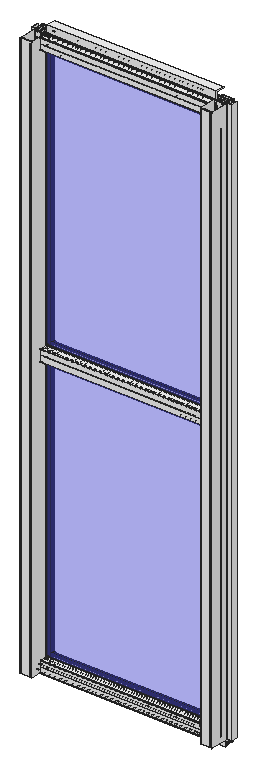
Revit family "Facade_60_Curtain_Wall_S12_Custom", category Windows, host Wall, Revit 2014
Parameters (values of type "F60-S12-Custom")
  Windload Design [instance] = if(Custom Windload < 1001 mm, 1000 mm, if(Custom Windload < 1501 mm, 1500 mm, 2000 mm))  # 1000 mm
  Width [instance] = if(Custom Curtain Wall Width < Limit Door Width Min, Limit Door Width Min, if(Custom Curtain Wall Width > Limit Door Width Max, Limit Door Width Max, Custom Curtain Wall Width))  # 1000 mm
  Wall Thickness [instance] = 200 mm
  Vertical Profile Length [instance] = Height - Frame Bottom Gap  # 2970 mm
  URL = "http://www.crealco.co.za/crealco-products.php"
  Type Comments = ""
  Thermal Resistance (R) [instance] = if(IGDB or SAGDB Number = 100100, 1.0000 (m²·K)/W / Intruderprufe U Value, if(IGDB or SAGDB Number = 100100, 1.0000 (m²·K)/W / Intruderprufe U Value, if(IGDB or SAGDB Number = 105003, 1.0000 (m²·K)/W / Intruderprufe Insulated U Value, if(IGDB or SAGDB Number = 105004, 1.0000 (m²·K)/W / Intruderprufe Insulated LowE U Value, 1.0000 (m²·K)/W / 7.9)))) * 1  # 0.126582 (m²·K)/W
  Thermal Break Material = Plastic, Opaque Black
  Solar Heat Gain Coefficient [instance] = if(IGDB or SAGDB Number = 100100, Intruderprufe SHGC Value, if(IGDB or SAGDB Number = 103200, Intruderprufe LowE SHGC Value, if(IGDB or SAGDB Number = 105003, Intruderprufe Insulated SHGC Value, if(IGDB or SAGDB Number = 105004, Intruderprufe Insulated LowE SHGC Value, 0))))  # 0
  Single Glazing [instance] = if(DG Forced, 1 = 0, not(Double Glazing))  # no
  Sill Height = 85 mm  # constant formula
  SG Forced [instance] = not(DG Forced)  # no
  Quarter Expansion Break = no
  Overall Width [instance] = 1000 mm
  Overall Height [instance] = 3000 mm
  Mullion Configuration = 1 mm  # constant formula
  Model = "Facade 60"
  Mid Transom Bottom Gap [instance] = (Height - Frame Bottom Gap) / 2  # 1485 mm
  Max System DG Unit Thickness = 25 mm  # constant formula
  Max System DG One Piece Thickness [instance] = rounddown((Max System DG Unit Thickness - DG Gasket Thickness) / 2 mm) * 1 mm  # 6 mm
  Max Pane Area [instance] = Glazing Width * Glazing Height  # 1.32114 m²
  Manufacturer = "Crealco"
  Limit Door Width Min = Limit Panel Width Min + (2 * Glazing Side Gap)  # 379.6 mm
  Limit Door Width Max = Limit Panel Width Max + (2 * Glazing Side Gap)  # 3079.6 mm
  Limit Door Height Min = (2 * Limit Panel Height Min) + 69.8 mm + (1 mm * 19.6) + 39.8 mm  # 729.2 mm
  Limit Door Height Max = (2 * Limit Panel Height Max) + 69.8 mm + (1 mm * 19.6) + 39.8 mm  # 12129.2 mm
  Limit Panel Width Min = 300 mm  # constant formula
  Limit Panel Width Max = 3000 mm  # constant formula
  Limit Panel Height Min = 300 mm  # constant formula
  Limit Panel Height Max = 6000 mm  # constant formula
  Sill Length [instance] = Width  # 1000 mm
  Length Sill [instance] = Width  # 1000 mm
  Keynote = ""
  Jamb Width = 60 mm  # constant formula
  Intruderprufe U Value = 0
  Intruderprufe SHGC Value = 0
  Intruderprufe LowE U Value = 0
  Intruderprufe LowE SHGC Value = 0
  Intruderprufe Insulated U Value = 0
  Intruderprufe Insulated SHGC Value = 0
  Intruderprufe Insulated LowE U Value = 0
  Intruderprufe Insulated LowE SHGC Value = 0
  Horizontal Profile Length [instance] = Width - (2 * Jamb Width)  # 880 mm
  Half Expansion Break = no
  Glazing Width [instance] = Horizontal Profile Length + (2 mm * 20.2)  # 920.4 mm
  Glazing Top Gap = 39.8 mm  # constant formula
  Glazing Side Gap = 39.8 mm  # constant formula
  Glazing Height [instance] = (Height - Glazing Top Gap - Glazing Bottom Gap - (60 mm - 20.2 mm - 20.2 mm)) / 2  # 1435.4 mm
  Glazing Gap SG [instance] = (14 mm - SG Thickness) / 2  # 5 mm
  Glazing Gap DG [instance] = (28 mm - (DG Thickness + DG Thickness + DG Gasket Thickness)) / 2  # 4 mm
  Glazing Bottom Gap = 69.8 mm  # constant formula
  Frame Thickness = 101.8 mm  # constant formula
  Frame Bottom Gap = 30 mm  # constant formula
  Door Leaf Height [instance] = 2050 mm
  Double Glazing [instance] = yes
  DG Thickness Calc [instance] = if(not(Max Pane Area > 1.125 m²), 4 mm, if(not(Max Pane Area > 2.25 m²), 4 mm, if(not(Max Pane Area > 3.15 m²), 5 mm, if(not(Max Pane Area > 4.35 m²), 6 mm, if(not(Max Pane Area > 6.45 m²), 8 mm, 10 mm)))))  # 4 mm
  DG Thickness [instance] = if(IGDB or SAGDB Number = 105003, 6 mm, if(IGDB or SAGDB Number = 105004, 7 mm, if(DG Thickness Calc > Max System DG One Piece Thickness, Max System DG One Piece Thickness, DG Thickness Calc)))  # 4 mm
  DG Gasket Thickness = 12 mm  # constant formula
  DG Gasket Finish [instance] = Double Glazing Gasket Material
  DG Forced [instance] = if(IGDB or SAGDB Number = 100100, 1 = 0, if(IGDB or SAGDB Number = 103200, 1 = 0, if(IGDB or SAGDB Number = 105003, 1 = 1, if(IGDB or SAGDB Number = 105004, 1 = 1, Double Glazing))))  # yes
  IGDB or SAGDB Number [instance] = 0
  Height [instance] = if(Custom Curtain Wall Height < Limit Door Height Min, Limit Door Height Min, if(Custom Curtain Wall Height > Limit Door Height Max, Limit Door Height Max, Custom Curtain Wall Height))  # 3000 mm
  Heat Transfer Coefficient (U) [instance] = if(IGDB or SAGDB Number = 100100, Intruderprufe U Value, if(IGDB or SAGDB Number = 103200, Intruderprufe LowE U Value, if(IGDB or SAGDB Number = 105003, Intruderprufe Insulated U Value, if(IGDB or SAGDB Number = 105004, Intruderprufe Insulated LowE U Value, 7.9)))) * 1.0000 W/(m²·K)  # 7.9000 W/(m²·K)
  SG Thickness [instance] = if(IGDB or SAGDB Number = 100100, 6 mm, if(IGDB or SAGDB Number = 103200, 7 mm, if(not(Max Pane Area > 0.75 m²), 4 mm, if(not(Max Pane Area > 1.50 m²), 4 mm, if(not(Max Pane Area > 2.10 m²), 5 mm, if(not(Max Pane Area > 2.90 m²), 6.4 mm, if(not(Max Pane Area > 4.30 m²), 8 mm, 10 mm)))))))  # 4 mm
  Glazing Material [instance] = if(IGDB or SAGDB Number = 100100, "PFG INTRUDERPRUFE 6.38mm", if(IGDB or SAGDB Number = 103200, "PFG INTRUDERPRUFE LOW-E 7.38mm", if(IGDB or SAGDB Number = 105003, "PFG 25mm INTRUDERPRUFE INSULATED GLASS", if(IGDB or SAGDB Number = 105004, "PFG 25mm INTRUDERPRUFE INSULATED GLASS LOW-E", "Unknown"))))  # "Unknown"
  Glazing Finish [instance] = Glass
  Glazing Code [instance] = if(IGDB or SAGDB Number = 100100, "LAM01", if(IGDB or SAGDB Number = 103200, "LAM01E", if(IGDB or SAGDB Number = 105003, "IGU25", if(IGDB or SAGDB Number = 105004, "IGU25E", "Unknown"))))  # "Unknown"
  Frame Offset From Exterior [instance] = if(Centered In Wall, (Wall Thickness - Frame Thickness) / 2, Custom Offset From Exterior) + 5.9 mm  # 55 mm
  Description = "Curtain Wall, S12"
  Default Sill Height = 0 mm
  Wall Closure = By host
  Custom Curtain Wall Width [instance] = 1000 mm
  Custom Curtain Wall Height [instance] = 3000 mm
  Custom Windload [instance] = 1000 mm
  Custom Offset From Exterior [instance] = 10 mm
  Centered In Wall [instance] = yes
  Aluminium Finish [instance] = White Powder Coated Aluminium ANP 1052
  All Available Glazing Numbers [instance] = "The rows below list the available glazing materials for this window:"  # constant formula
  190mm Mullion = if(Mullion Configuration = 3 mm, 1 = 1, 1 = 0)  # no
  160mm Mullion = if(Mullion Configuration = 2 mm, 1 = 1, 1 = 0)  # no
  105004 [instance] = "IGU25E"  # constant formula
  105003 [instance] = "IGU25"  # constant formula
  103200 [instance] = "LAM01E"  # constant formula
  100mm Mullion = if(or(Mullion Configuration = 2 mm, Mullion Configuration = 3 mm), 1 = 0, 1 = 1)  # yes
  100100 [instance] = "LAM01"  # constant formula
Reference planes
  plane 1 "Center (Front/Back)": y = 0
  plane 2 "Center (Left/Right)": x = 0
  plane 3 "Left": x = -500
  plane 4 "Right": x = 500
  plane 5 "Sill": z = 0
  plane 6 "Head": z = 3000
  plane 7 "Exterior": y = 100
  plane 8 "Interior": y = -100
Lines and regions (mm)
  Opening 1
    outline origin (3507.082, -100, 0) x (1, 0, 0) y (0, 0, 1)
      loop
        line (-3007.082, 0) -> (-3007.082, 3000) -> (-4007.082, 3000) -> (-4007.082, 0) -> (-3007.082, 0)
Text (mm)
  text "EXTERIOR" at (-1963.203, 1332.353, 0), in view "Ref. Level"
  text "INTERIOR" at (-1981.466, -818.386, 0), in view "Ref. Level"
  text "Exterior" at (0, 923.751, 2943.296), in view "Right"
  text "Exterior" at (0, 1040.484, 2685.409), in view "Left"
Dimensions and locks
  equal spacing: plane 3 "Left", plane 2 "Center (Left/Right)", plane 4 "Right"
  "Width": plane 3 "Left" to plane 4 "Right"
  "Height": plane 5 "Sill" to plane 6 "Head"
  "Default Sill Height": plane 5 "Sill" to level
  locked: plane 7 "Exterior" to host wall at 0
  locked: plane 8 "Interior" to host wall
  "Overall Height": plane 6 "Head" to plane 5 "Sill"
  "Overall Width": plane 3 "Left" to plane 4 "Right"
  "Wall Thickness": host wall to host wall
  "Jamb Width": nested 3 to plane 4 "Right"
  "Jamb Width": nested 5 to plane 4 "Right"
  "Frame Bottom Gap": nested 5 to level
  "Frame Offset From Exterior": nested 1 to plane 7 "Exterior"
  "Glazing Side Gap": nested 6 to plane 4 "Right"
  "Glazing Top Gap": nested 6 to plane 6 "Head"
  "Glazing Gap SG": nested 6 to nested 1
  "Glazing Side Gap": nested 7 to plane 4 "Right"
  "Glazing Top Gap": nested 7 to plane 6 "Head"
  "Glazing Gap DG": nested 7 to nested 1
  "Jamb Width": nested 8 to plane 4 "Right"
  "Mid Transom Bottom Gap": nested 8 to level
  "Glazing Side Gap": nested 9 to plane 4 "Right"
  "Glazing Side Gap": nested 10 to plane 4 "Right"
  "Glazing Gap SG": nested 10 to nested 1
  "Glazing Gap DG": nested 9 to nested 1
  "Glazing Bottom Gap": nested 9 to level
  "Glazing Bottom Gap": nested 10 to level
  locked: nested 1 to nested 5 at 8.887
  aligned and locked: plane 4 "Right" to nested 1
  aligned and locked: nested 1 to plane 6 "Head"
  aligned and locked: plane 3 "Left" to nested 2
  aligned and locked: plane 6 "Head" to nested 2
  aligned and locked: nested 3 to plane 6 "Head"
  aligned and locked: nested 1 to nested 3
  aligned and locked: nested 4 to level
  aligned and locked: plane 4 "Right" to nested 4
  aligned and locked: nested 1 to nested 2
  aligned and locked: nested 5 to nested 4
  aligned and locked: nested 8 to nested 3
Automatic sketch dimensions
  plane 3 "Left" to Opening 1 sketch curve = 0 mm
  plane 4 "Right" to Opening 1 sketch curve = 0 mm
  Opening 1 sketch curve to plane 5 "Sill" = 0 mm
  Opening 1 sketch curve to plane 6 "Head" = 0 mm
Nested families
  nested 1: "F60 Vertical Profile Side_S12_Cust" at (500, -1.058, 30) x (-1, 0, 0) z (0, 0, 1), Thermal Break Material <- "Thermal Break Material", Profile Material <- "Aluminium Finish", Length <- "Vertical Profile Length", Single Glazing <- "SG Forced", Double Glazing <- "DG Forced", 100mm Mullion <- "100mm Mullion", 160mm Mullion <- "160mm Mullion", 190mm Mullion <- "190mm Mullion", Quarter Expansion Break <- "Quarter Expansion Break", Half Expansion Break <- "Half Expansion Break", type "F60 Vertical Profile Side_S12_Cust"
    with Thermal Break Material Plastic, Opaque Black, Single Glazing no, Quarter SG Expansion Break no, Quarter Length 742.5 mm, Quarter Expansion Break no, Quarter DG Expansion Break no, Quarter 190mm Expansion Break no, Quarter 160mm Expansion Break no, Quarter 100mm Expansion Break no, Profile Material White Powder Coated Aluminium ANP 1052, Length 2970 mm, Half SG Expansion Break no, Half Length 1485 mm, Half Expansion Break no, Half DG Expansion Break no, Half 190mm Expansion Joint no, Half 160mm Expansion Break no, Half 100mm Expansion Break no, Double Glazing yes, 190mm Mullion no, 160mm Mullion no, 100mm Mullion yes
  nested 2: "F60 Vertical Profile Side_S12_Cust" at (-500, -1.058, 30), Thermal Break Material <- "Thermal Break Material", Profile Material <- "Aluminium Finish", Length <- "Vertical Profile Length", Single Glazing <- "SG Forced", Double Glazing <- "DG Forced", 100mm Mullion <- "100mm Mullion", 160mm Mullion <- "160mm Mullion", 190mm Mullion <- "190mm Mullion", Quarter Expansion Break <- "Quarter Expansion Break", Half Expansion Break <- "Half Expansion Break", type "F60 Vertical Profile Side_S12_Cust"
    with Thermal Break Material Plastic, Opaque Black, Single Glazing no, Quarter SG Expansion Break no, Quarter Length 742.5 mm, Quarter Expansion Break no, Quarter DG Expansion Break no, Quarter 190mm Expansion Break no, Quarter 160mm Expansion Break no, Quarter 100mm Expansion Break no, Profile Material White Powder Coated Aluminium ANP 1052, Length 2970 mm, Half SG Expansion Break no, Half Length 1485 mm, Half Expansion Break no, Half DG Expansion Break no, Half 190mm Expansion Joint no, Half 160mm Expansion Break no, Half 100mm Expansion Break no, Double Glazing yes, 190mm Mullion no, 160mm Mullion no, 100mm Mullion yes
  nested 3: "F60 Horizontal Profile Top_S12_Cust" at (440, -50.858, 2940) x (-1, 0, 0) z (0, 0, 1), Thermal Break Material <- "Thermal Break Material", Profile Material <- "Aluminium Finish", Length <- "Horizontal Profile Length", Single Glazing <- "SG Forced", Double Glazing <- "DG Forced", type "F60 Horizontal Profile Top_S12_Cust"
    with Thermal Break Material Plastic, Opaque Black, Single Glazing no, Profile Material White Powder Coated Aluminium ANP 1052, Length 880 mm, Double Glazing yes
  nested 4: "F60 Sill_S12_Cust" at (500, -13.486, -1.88) x (-1, 0, 0) z (0, 0, 1), Profile Material <- "Aluminium Finish", Length Sill <- "Length Sill", type "F60 Sill_S12_Cust"
    with Profile Material White Powder Coated Aluminium ANP 1052, Length Sill 1000 mm
  nested 5: "F60 Horizontal Profile Bottom_S12_Cust" at (440, -50.858, 30) x (-1, 0, 0) z (0, 0, 1), Thermal Break Material <- "Thermal Break Material", Profile Material <- "Aluminium Finish", Length <- "Horizontal Profile Length", Single Glazing <- "SG Forced", Double Glazing <- "DG Forced", type "F60 Horizontal Profile Bottom_S12_Cust"
    with Thermal Break Material Plastic, Opaque Black, Single Glazing no, Profile Material White Powder Coated Aluminium ANP 1052, Length 880 mm, Double Glazing yes
  nested 6: "F60_Single_Glazing_S12_Cust" at (460.2, 7.942, 1524.8), Glazing Width <- "Glazing Width", Glazing Height <- "Glazing Height", SG Thickness <- "SG Thickness", Glazing Finish <- "Glazing Finish", visible <- "SG Forced", type "F60_Single_Glazing_S12_Cust"
    with SG Thickness 4 mm, Glazing Width 920.4 mm, Glazing Height 1435.4 mm, Glazing Finish Glass
  nested 7: "F60_Double_Glazing_S12_Cust" at (460.2, 22.942, 1524.8), Glazing Material <- "Glazing Finish", Double Glazing Gasket Material <- "DG Gasket Finish", Glazing Width <- "Glazing Width", Glazing Height <- "Glazing Height", Glazing Thickness DG <- "DG Thickness", Double Glazing Gasket Thickness <- "DG Gasket Thickness", visible <- "DG Forced", type "F60_Double_Glazing_S12_Cust"
    with Glazing Width 920.4 mm, Glazing Thickness DG 4 mm, Glazing Material Glass, Glazing Height 1435.4 mm, Double Glazing Gasket Thickness 12 mm, Double Glazing Gasket Material Double Glazing Gasket Material
  nested 8: "F60 Horizontal Profile Middle_S12_Cust" at (440, -50.858, 1485) x (-1, 0, 0) z (0, 0, 1), Thermal Break Material <- "Thermal Break Material", Profile Material <- "Aluminium Finish", Length <- "Horizontal Profile Length", Single Glazing <- "SG Forced", Double Glazing <- "DG Forced", type "F60 Horizontal Profile Middle_S12_Cust"
    with Thermal Break Material Plastic, Opaque Black, Single Glazing no, Profile Material White Powder Coated Aluminium ANP 1052, Length 880 mm, Double Glazing yes
  nested 9: "F60_Double_Glazing_S12_Cust" at (460.2, 22.942, 69.8), Glazing Material <- "Glazing Finish", Double Glazing Gasket Material <- "DG Gasket Finish", Glazing Width <- "Glazing Width", Glazing Height <- "Glazing Height", Glazing Thickness DG <- "DG Thickness", Double Glazing Gasket Thickness <- "DG Gasket Thickness", visible <- "DG Forced", type "F60_Double_Glazing_S12_Cust"
    with Glazing Width 920.4 mm, Glazing Thickness DG 4 mm, Glazing Material Glass, Glazing Height 1435.4 mm, Double Glazing Gasket Thickness 12 mm, Double Glazing Gasket Material Double Glazing Gasket Material
  nested 10: "F60_Single_Glazing_S12_Cust" at (460.2, 7.942, 69.8), Glazing Width <- "Glazing Width", Glazing Height <- "Glazing Height", SG Thickness <- "SG Thickness", Glazing Finish <- "Glazing Finish", visible <- "SG Forced", type "F60_Single_Glazing_S12_Cust"
    with SG Thickness 4 mm, Glazing Width 920.4 mm, Glazing Height 1435.4 mm, Glazing Finish Glass
Definition of nested family "F60 Vertical Profile Side_S12_Cust"
  Parameters (values of type "F60 Vertical Profile Side")
    Quarter SG Expansion Break [instance] = if(and(Quarter Expansion Break, Single Glazing), 1 = 1, 1 = 0)  # yes
    Quarter Length [instance] = Length / 4  # 62.5 mm
    Thermal Break Material [instance] = none
    Single Glazing [instance] = yes
    Quarter Expansion Break [instance] = yes
    Quarter DG Expansion Break [instance] = if(and(Quarter Expansion Break, Double Glazing), 1 = 1, 1 = 0)  # yes
    Quarter 190mm Expansion Break [instance] = if(and(Quarter Expansion Break, [190mm Mullion]), 1 = 1, 1 = 0)  # yes
    Quarter 160mm Expansion Break [instance] = if(and(Quarter Expansion Break, [160mm Mullion]), 1 = 1, 1 = 0)  # yes
    Quarter 100mm Expansion Break [instance] = if(and(Quarter Expansion Break, [100mm Mullion]), 1 = 1, 1 = 0)  # yes
    Profile Material [instance] = none
    Length [instance] = 250 mm
    Half SG Expansion Break [instance] = if(and(Half Expansion Break, Single Glazing), 1 = 1, 1 = 0)  # yes
    Half Length [instance] = Length / 2  # 125 mm
    Half Expansion Break [instance] = yes
    Half DG Expansion Break [instance] = if(and(Half Expansion Break, Double Glazing), 1 = 1, 1 = 0)  # yes
    Half 190mm Expansion Joint [instance] = if(and(Half Expansion Break, [190mm Mullion]), 1 = 1, 1 = 0)  # yes
    Half 160mm Expansion Break [instance] = if(and(Half Expansion Break, [160mm Mullion]), 1 = 1, 1 = 0)  # yes
    Half 100mm Expansion Break [instance] = if(and(Half Expansion Break, [100mm Mullion]), 1 = 1, 1 = 0)  # yes
    Double Glazing [instance] = yes
    190mm Mullion [instance] = yes
    160mm Mullion [instance] = yes
    100mm Mullion [instance] = yes
  Reference planes
    plane 1 "Center (Front/Back)": y = 0
    plane 2: z = 0
    plane 3 "Center (Left/Right)": x = 0
  Forms (mm)
    Extrusion 1, solid, material <- "Profile Material"
      sketch origin (0, 0, 0) x (1, 0, 0) y (0, 1, 0)
        loop
          arc (25.249, -8.7) -> (25.484, -9.266) -> (26.049, -9.5) r 0.8
          line (26.049, -9.5) -> (27.1, -9.5) -> (27.1, 7) -> (32.902, 7) -> (32.902, -9.5) -> (33.951, -9.5)
          arc (33.951, -9.5) -> (34.516, -9.266) -> (34.751, -8.7) r 0.8
          line (34.751, -8.7) -> (34.751, 6.2)
          arc (34.751, 6.2) -> (34.985, 6.766) -> (35.551, 7) r 0.8
          line (35.551, 7) -> (52.1, 7) -> (52.1, 5.4) -> (50.55, 5.4) -> (50.55, 4.55)
          arc (50.55, 4.55) -> (50.726, 4.126) -> (51.15, 3.95) r 0.6
          line (51.15, 3.95) -> (52.1, 3.95) -> (52.1, 1)
          arc (52.1, 1) -> (51.6, 0.5) -> (52.1, 0) r 0.5
          line (52.1, 0) -> (54.45, 0) -> (54.45, 1.15) -> (53.3, 1.15) -> (53.3, 2.45) -> (58.8, 2.45) -> (58.8, 1.15) -> (57.65, 1.15) -> (57.65, 0) -> (59.5, 0)
          arc (59.5, 0) -> (59.854, 0.146) -> (60, 0.5) r 0.5
          line (60, 0.5) -> (60, 3.9) -> (53.55, 3.9) -> (53.55, 7.6)
          arc (53.55, 7.6) -> (53.316, 8.166) -> (52.75, 8.4) r 0.8
          line (52.75, 8.4) -> (30, 8.4) -> (7.25, 8.4)
          arc (7.25, 8.4) -> (6.684, 8.166) -> (6.45, 7.6) r 0.8
          line (6.45, 7.6) -> (6.45, 3.9) -> (0, 3.9) -> (0, 0.5)
          arc (0, 0.5) -> (0.146, 0.146) -> (0.5, 0) r 0.5
          line (0.5, 0) -> (2.35, 0) -> (2.35, 1.15) -> (1.2, 1.15) -> (1.2, 2.45) -> (6.7, 2.45) -> (6.7, 1.15) -> (5.55, 1.15) -> (5.55, 0) -> (7.9, 0)
          arc (7.9, 0) -> (8.4, 0.5) -> (7.9, 1) r 0.5
          line (7.9, 1) -> (7.9, 3.95) -> (8.85, 3.95)
          arc (8.85, 3.95) -> (9.274, 4.126) -> (9.45, 4.55) r 0.6
          line (9.45, 4.55) -> (9.45, 5.4) -> (7.9, 5.4) -> (7.9, 7) -> (24.449, 7)
          arc (24.449, 7) -> (25.015, 6.766) -> (25.249, 6.2) r 0.8
          line (25.249, 6.2) -> (25.249, -8.7)
      from 0 to 250 <- "Length"
    Extrusion 2, solid, material <- "Thermal Break Material"
      sketch origin (0, 0, 0) x (1, 0, 0) y (0, 1, 0)
        loop
          line (1.75, 9.8) -> (1.75, 5.2) -> (0, 5.2) -> (0, 3.9) -> (6.35, 3.9) -> (6.35, 7.856)
          arc (6.35, 7.856) -> (6.526, 8.281) -> (6.95, 8.456) r 0.6
          line (6.95, 8.456) -> (30, 8.456) -> (53.05, 8.456)
          arc (53.05, 8.456) -> (53.474, 8.281) -> (53.65, 7.856) r 0.6
          line (53.65, 7.856) -> (53.65, 3.9) -> (60, 3.9) -> (60, 5.2) -> (58.25, 5.2) -> (58.25, 9.8) -> (30, 9.8) -> (1.75, 9.8)
      from 0 to 250 <- "Length"
    Extrusion 3, solid, material <- "Thermal Break Material", visible <- "Single Glazing"
      sketch origin (0, 0, 0) x (1, 0, 0) y (0, 1, 0)
        loop
          line (25.749, -14.011) -> (27.672, -14.011) -> (28.481, -12.611) -> (31.518, -12.611) -> (32.327, -14.011) -> (34.249, -14.011)
          arc (34.249, -14.011) -> (34.603, -13.864) -> (34.749, -13.511) r 0.5
          line (34.749, -13.511) -> (34.749, -10.011)
          arc (34.749, -10.011) -> (34.603, -9.657) -> (34.249, -9.511) r 0.5
          line (34.249, -9.511) -> (32.352, -9.511) -> (32.352, 0.19) -> (31.349, 2.261)
          arc (31.349, 2.261) -> (29.999, 2.986) -> (28.649, 2.261) r 1.62
          line (28.649, 2.261) -> (27.647, 0.19) -> (27.647, -9.511) -> (25.749, -9.511)
          arc (25.749, -9.511) -> (25.396, -9.657) -> (25.249, -10.011) r 0.5
          line (25.249, -10.011) -> (25.249, -13.511)
          arc (25.249, -13.511) -> (25.396, -13.864) -> (25.749, -14.011) r 0.5
        loop
          line (28.504, -10.005) -> (28.504, -10.861)
          arc (28.504, -10.861) -> (28.651, -11.214) -> (29.004, -11.361) r 0.5
          line (29.004, -11.361) -> (30.994, -11.361)
          arc (30.994, -11.361) -> (31.348, -11.214) -> (31.494, -10.861) r 0.5
          line (31.494, -10.861) -> (31.494, -10.005) -> (30.708, -9.219)
          arc (30.708, -9.219) -> (30.383, -9.001) -> (29.999, -8.924) r 1.007
          arc (29.999, -8.924) -> (29.616, -8.999) -> (29.292, -9.217) r 0.986
          line (29.292, -9.217) -> (28.504, -10.005)
        loop
          arc (30.896, 1.935) -> (29.887, 2.44) -> (29.005, 1.735) r 1.047
          line (29.005, 1.735) -> (28.347, 0.374) -> (28.347, -6.993)
          arc (28.347, -6.993) -> (28.583, -7.417) -> (29.068, -7.441) r 0.5
          arc (29.068, -7.441) -> (29.999, -7.223) -> (30.93, -7.441) r 2.099
          arc (30.93, -7.441) -> (31.416, -7.417) -> (31.652, -6.993) r 0.5
          line (31.652, -6.993) -> (31.652, 0.374) -> (30.896, 1.935)
      from 0 to 250 <- "Length"
    Extrusion 4, solid, material <- "Profile Material", visible <- "Single Glazing"
      sketch origin (0, 0, 0) x (1, 0, 0) y (0, 1, 0)
        loop
          line (52.693, -14.011) -> (32.327, -14.011) -> (31.519, -12.611) -> (28.481, -12.611) -> (27.673, -14.011) -> (7.307, -14.011) -> (7.307, -15.011) -> (8.457, -15.011) -> (8.457, -16.261) -> (2.957, -16.261) -> (2.957, -15.011) -> (4.107, -15.011) -> (4.107, -14.011) -> (1.707, -14.011)
          arc (1.707, -14.011) -> (1.199, -14.293) -> (1.168, -14.873) r 0.6
          line (1.168, -14.873) -> (2.093, -16.772) -> (1.015, -17.298) -> (1.484, -18.261) -> (11.488, -18.261)
          arc (11.488, -18.261) -> (11.913, -18.085) -> (12.088, -17.661) r 0.6
          line (12.088, -17.661) -> (12.088, -16.811) -> (47.912, -16.811) -> (47.912, -17.661)
          arc (47.912, -17.661) -> (48.088, -18.085) -> (48.512, -18.261) r 0.6
          line (48.512, -18.261) -> (58.518, -18.261) -> (58.987, -17.298) -> (57.908, -16.772) -> (58.834, -14.874)
          arc (58.834, -14.874) -> (58.802, -14.293) -> (58.293, -14.011) r 0.6
          line (58.293, -14.011) -> (55.893, -14.011) -> (55.893, -15.011) -> (57.043, -15.011) -> (57.043, -16.261) -> (51.543, -16.261) -> (51.543, -15.011) -> (52.693, -15.011) -> (52.693, -14.011)
      from 0 to 250 <- "Length"
    Extrusion 5, solid, material <- "Profile Material", visible <- "Single Glazing"
      sketch origin (0, 0, 0) x (1, 0, 0) y (0, 1, 0)
        loop
          line (2.801, -18.261) -> (1.484, -18.261) -> (1.015, -17.298) -> (2.093, -16.772) -> (0.779, -14.076)
          arc (0.779, -14.076) -> (0.239, -14.21) -> (0.001, -14.713) r 0.65
          line (0.001, -14.713) -> (0.001, -28.068)
          arc (0.001, -28.068) -> (1.172, -30.897) -> (4.001, -32.068) r 4
          line (4.001, -32.068) -> (30.001, -32.068) -> (56.001, -32.068)
          arc (56.001, -32.068) -> (58.829, -30.897) -> (60.001, -28.068) r 4
          line (60.001, -28.068) -> (60.001, -14.713)
          arc (60.001, -14.713) -> (59.763, -14.21) -> (59.223, -14.076) r 0.65
          line (59.223, -14.076) -> (57.908, -16.772) -> (58.987, -17.298) -> (58.518, -18.261) -> (57.201, -18.261)
          arc (57.201, -18.261) -> (56.83, -18.425) -> (56.703, -18.811) r 0.5
          arc (56.703, -18.811) -> (56.83, -19.196) -> (57.201, -19.361) r 0.5
          line (57.201, -19.361) -> (58.951, -19.361) -> (58.951, -27.968)
          arc (58.951, -27.968) -> (58.131, -29.948) -> (56.151, -30.768) r 2.8
          line (56.151, -30.768) -> (30.001, -30.768) -> (3.851, -30.768)
          arc (3.851, -30.768) -> (1.871, -29.948) -> (1.051, -27.968) r 2.8
          line (1.051, -27.968) -> (1.051, -19.361) -> (2.801, -19.361)
          arc (2.801, -19.361) -> (3.172, -19.196) -> (3.298, -18.811) r 0.5
          arc (3.298, -18.811) -> (3.172, -18.425) -> (2.801, -18.261) r 0.5
      from 0 to 250 <- "Length"
    Extrusion 6, solid, material <- "Profile Material", visible <- "100mm Mullion"
      sketch origin (0, 0, 0) x (1, 0, 0) y (0, 1, 0)
        loop
          line (14.02, 13) -> (45.98, 13)
          arc (45.98, 13) -> (46.539, 12.842) -> (46.917, 12.4) r 1
          arc (46.917, 12.4) -> (47.285, 11.963) -> (47.833, 11.8) r 1
          line (47.833, 11.8) -> (58.15, 11.8) -> (58.15, 96.3) -> (47.833, 96.3)
          arc (47.833, 96.3) -> (47.285, 96.137) -> (46.917, 95.7) r 1
          arc (46.917, 95.7) -> (46.548, 95.263) -> (46, 95.1) r 1
          line (46, 95.1) -> (14, 95.1)
          arc (14, 95.1) -> (13.452, 95.263) -> (13.083, 95.7) r 1
          arc (13.083, 95.7) -> (12.715, 96.137) -> (12.167, 96.3) r 1
          line (12.167, 96.3) -> (1.85, 96.3) -> (1.85, 11.8) -> (12.167, 11.8)
          arc (12.167, 11.8) -> (12.715, 11.963) -> (13.083, 12.4) r 1
          arc (13.083, 12.4) -> (13.461, 12.842) -> (14.02, 13) r 1
        loop
          line (1.65, 9.856) -> (58.35, 9.856) -> (58.35, 5.2) -> (60, 5.2) -> (60, 98.8)
          arc (60, 98.8) -> (59.707, 99.507) -> (59, 99.8) r 1
          line (59, 99.8) -> (1, 99.8)
          arc (1, 99.8) -> (0.293, 99.507) -> (0, 98.8) r 1
          line (0, 98.8) -> (0, 5.2) -> (1.65, 5.2) -> (1.65, 9.856)
      from 0 to 250 <- "Length"
    Extrusion 7, solid, material <- "Profile Material", visible <- "160mm Mullion"
      sketch origin (0, 0, 0) x (1, 0, 0) y (0, 1, 0)
        loop
          arc (2.35, 15.6) -> (2.526, 15.176) -> (2.95, 15) r 0.6
          line (2.95, 15) -> (57.05, 15)
          arc (57.05, 15) -> (57.474, 15.176) -> (57.65, 15.6) r 0.6
          line (57.65, 15.6) -> (57.65, 153.7)
          arc (57.65, 153.7) -> (57.474, 154.124) -> (57.05, 154.3) r 0.6
          line (57.05, 154.3) -> (47.833, 154.3)
          arc (47.833, 154.3) -> (47.285, 154.137) -> (46.917, 153.7) r 1
          arc (46.917, 153.7) -> (46.548, 153.263) -> (46, 153.1) r 1
          line (46, 153.1) -> (14, 153.1)
          arc (14, 153.1) -> (13.452, 153.263) -> (13.083, 153.7) r 1
          arc (13.083, 153.7) -> (12.715, 154.137) -> (12.167, 154.3) r 1
          line (12.167, 154.3) -> (2.95, 154.3)
          arc (2.95, 154.3) -> (2.526, 154.124) -> (2.35, 153.7) r 0.6
          line (2.35, 153.7) -> (2.35, 15.6)
        loop
          arc (1, 159.8) -> (0.293, 159.507) -> (0, 158.8) r 1
          line (0, 158.8) -> (0, 5.2) -> (1.65, 5.2) -> (1.65, 10.013) -> (58.35, 10.013) -> (58.35, 5.2) -> (60, 5.2) -> (60, 158.8)
          arc (60, 158.8) -> (59.707, 159.507) -> (59, 159.8) r 1
          line (59, 159.8) -> (1, 159.8)
      from 0 to 250 <- "Length"
    Extrusion 8, solid, material <- "Profile Material", visible <- "190mm Mullion"
      sketch origin (0, 0, 0) x (1, 0, 0) y (0, 1, 0)
        loop
          line (57.25, 15.1) -> (57.25, 178.3)
          arc (57.25, 178.3) -> (56.957, 179.007) -> (56.25, 179.3) r 1
          line (56.25, 179.3) -> (3.75, 179.3)
          arc (3.75, 179.3) -> (3.043, 179.007) -> (2.75, 178.3) r 1
          line (2.75, 178.3) -> (2.75, 15.1)
          arc (2.75, 15.1) -> (2.984, 14.534) -> (3.55, 14.3) r 0.8
          line (3.55, 14.3) -> (56.45, 14.3)
          arc (56.45, 14.3) -> (57.016, 14.534) -> (57.25, 15.1) r 0.8
        loop
          line (60, 5.2) -> (60, 188.8)
          arc (60, 188.8) -> (59.707, 189.507) -> (59, 189.8) r 1
          line (59, 189.8) -> (1, 189.8)
          arc (1, 189.8) -> (0.293, 189.507) -> (0, 188.8) r 1
          line (0, 188.8) -> (0, 5.2) -> (1.65, 5.2) -> (1.65, 9.856) -> (58.35, 9.856) -> (58.35, 5.2) -> (60, 5.2)
      from 0 to 250 <- "Length"
    Extrusion 9, solid, material <- "Thermal Break Material", visible <- "Double Glazing"
      sketch origin (0, 0, 0) x (1, 0, 0) y (0, 1, 0)
        loop
          line (27.672, -28) -> (28.48, -26.6) -> (31.518, -26.6) -> (32.326, -28) -> (34.249, -28)
          arc (34.249, -28) -> (34.603, -27.854) -> (34.749, -27.5) r 0.5
          line (34.749, -27.5) -> (34.749, -10)
          arc (34.749, -10) -> (34.603, -9.646) -> (34.249, -9.5) r 0.5
          line (34.249, -9.5) -> (32.352, -9.5) -> (32.352, 0.198) -> (31.348, 2.272)
          arc (31.348, 2.272) -> (29.998, 2.997) -> (28.648, 2.272) r 1.62
          line (28.648, 2.272) -> (27.645, 0.201) -> (27.645, -9.5) -> (25.749, -9.5)
          arc (25.749, -9.5) -> (25.396, -9.646) -> (25.249, -10) r 0.5
          line (25.249, -10) -> (25.249, -27.5)
          arc (25.249, -27.5) -> (25.396, -27.854) -> (25.749, -28) r 0.5
          line (25.749, -28) -> (27.672, -28)
        loop
          arc (30.706, -9.206) -> (30.382, -8.99) -> (29.999, -8.913) r 1.007
          arc (29.999, -8.913) -> (29.616, -8.988) -> (29.292, -9.206) r 0.986
          line (29.292, -9.206) -> (27.142, -11.356)
          arc (27.142, -11.356) -> (26.926, -11.68) -> (26.849, -12.063) r 1
          line (26.849, -12.063) -> (26.849, -24)
          arc (26.849, -24) -> (27.142, -24.707) -> (27.849, -25) r 1
          line (27.849, -25) -> (32.149, -25)
          arc (32.149, -25) -> (32.856, -24.707) -> (33.149, -24) r 1
          line (33.149, -24) -> (33.149, -12.063)
          arc (33.149, -12.063) -> (33.073, -11.68) -> (32.856, -11.356) r 1
          line (32.856, -11.356) -> (30.706, -9.206)
        loop
          arc (28.345, -6.982) -> (28.581, -7.407) -> (29.067, -7.43) r 0.5
          arc (29.067, -7.43) -> (29.998, -7.213) -> (30.929, -7.43) r 2.099
          arc (30.929, -7.43) -> (31.414, -7.407) -> (31.651, -6.982) r 0.5
          line (31.651, -6.982) -> (31.651, 0.385) -> (30.895, 1.946)
          arc (30.895, 1.946) -> (29.885, 2.45) -> (29.004, 1.745) r 1.047
          line (29.004, 1.745) -> (28.345, 0.385) -> (28.345, -6.982)
      from 0 to 250 <- "Length"
    Extrusion 10, solid, material <- "Profile Material", visible <- "Double Glazing"
      sketch origin (0, 0, 0) x (1, 0, 0) y (0, 1, 0)
        loop
          line (52.692, -28) -> (32.327, -28) -> (31.518, -26.6) -> (28.48, -26.6) -> (27.672, -28) -> (7.306, -28) -> (7.306, -29) -> (8.456, -29) -> (8.456, -30.25) -> (2.956, -30.25) -> (2.956, -29) -> (4.106, -29) -> (4.106, -28) -> (1.706, -28)
          arc (1.706, -28) -> (1.198, -28.282) -> (1.167, -28.863) r 0.6
          line (1.167, -28.863) -> (2.093, -30.762) -> (1.014, -31.288) -> (1.483, -32.25) -> (11.488, -32.25)
          arc (11.488, -32.25) -> (11.912, -32.074) -> (12.088, -31.65) r 0.6
          line (12.088, -31.65) -> (12.088, -30.8) -> (47.911, -30.8) -> (47.911, -31.65)
          arc (47.911, -31.65) -> (48.087, -32.074) -> (48.511, -32.25) r 0.6
          line (48.511, -32.25) -> (58.517, -32.25) -> (58.986, -31.288) -> (57.907, -30.762) -> (58.833, -28.864)
          arc (58.833, -28.864) -> (58.801, -28.282) -> (58.292, -28) r 0.6
          line (58.292, -28) -> (55.892, -28) -> (55.892, -29) -> (57.042, -29) -> (57.042, -30.25) -> (51.542, -30.25) -> (51.542, -29) -> (52.692, -29) -> (52.692, -28)
      from 0 to 250 <- "Length"
    Extrusion 11, solid, material <- "Profile Material", visible <- "Double Glazing"
      sketch origin (0, 0, 0) x (1, 0, 0) y (0, 1, 0)
        loop
          line (2.8, -32.25) -> (1.483, -32.25) -> (1.014, -31.288) -> (2.093, -30.762) -> (0.778, -28.065)
          arc (0.778, -28.065) -> (0.238, -28.2) -> (0, -28.702) r 0.65
          line (0, -28.702) -> (0, -42.058)
          arc (0, -42.058) -> (1.172, -44.886) -> (4, -46.058) r 4
          line (4, -46.058) -> (30, -46.058) -> (56, -46.058)
          arc (56, -46.058) -> (58.828, -44.886) -> (60, -42.058) r 4
          line (60, -42.058) -> (60, -28.702)
          arc (60, -28.702) -> (59.762, -28.2) -> (59.222, -28.065) r 0.65
          line (59.222, -28.065) -> (57.907, -30.762) -> (58.986, -31.288) -> (58.517, -32.25) -> (57.2, -32.25)
          arc (57.2, -32.25) -> (56.829, -32.415) -> (56.703, -32.8) r 0.5
          arc (56.703, -32.8) -> (56.829, -33.185) -> (57.2, -33.35) r 0.5
          line (57.2, -33.35) -> (58.95, -33.35) -> (58.95, -41.958)
          arc (58.95, -41.958) -> (58.13, -43.938) -> (56.15, -44.758) r 2.8
          line (56.15, -44.758) -> (30, -44.758) -> (3.85, -44.758)
          arc (3.85, -44.758) -> (1.87, -43.938) -> (1.05, -41.958) r 2.8
          line (1.05, -41.958) -> (1.05, -33.35) -> (2.8, -33.35)
          arc (2.8, -33.35) -> (3.171, -33.185) -> (3.297, -32.8) r 0.5
          arc (3.297, -32.8) -> (3.171, -32.415) -> (2.8, -32.25) r 0.5
      from 0 to 250 <- "Length"
    Extrusion 12, solid, material <- "Profile Material", visible <- "Single Glazing"
      sketch origin (0, 0, 0) x (1, 0, 0) y (0, 1, 0)
        loop
          line (10.403, -10.171) -> (10.403, -3.821) -> (-21.349, -3.821) -> (-21.349, -35.567) -> (-14.999, -35.567) -> (-14.999, -10.171) -> (10.403, -10.171)
      from 0 to 250 <- "Length"
    Extrusion 13, solid, material <- "Profile Material", visible <- "Double Glazing"
      sketch origin (0, 0, 0) x (1, 0, 0) y (0, 1, 0)
        loop
          line (10.402, -7.775) -> (10.402, -1.425) -> (-21.35, -1.425) -> (-21.35, -33.172) -> (-15, -33.172) -> (-15, -7.775) -> (10.402, -7.775)
      from 0 to 250 <- "Length"
    Extrusion 14, solid, material <- "Profile Material", visible <- "Double Glazing"
      sketch origin (0, 0, 0) x (1, 0, 0) y (0, 1, 0)
        loop
          line (12, -7.775) -> (0, -7.775) -> (0, -25.775) -> (12, -25.775) -> (12, -7.775)
        loop
          line (10.8, -8.975) -> (1.2, -8.975) -> (1.2, -24.575) -> (10.8, -24.575) -> (10.8, -8.975)
      from 0 to 250 <- "Length"
  Lines and regions (mm)
    model lines, style "GenericModelHiddenLines", visible <- "Half 100mm Expansion Break"
      curve 1: line (60, 5.2, 125) -> (60, 95.2, 125)
      curve 2: line (60, 99.8, 125) -> (0, 99.8, 125)
      curve 8: line (0, 5.2, 125) -> (0, 95.2, 125)
    model lines, style "GenericModelHiddenLines", visible <- "Quarter 100mm Expansion Break"
      curve 3: line (60, 5.2, 187.5) -> (60, 95.2, 187.5)
      curve 4: line (60, 5.2, 62.5) -> (60, 95.2, 62.5)
      curve 5: line (60, 99.8, 62.5) -> (0, 99.8, 62.5)
      curve 6: line (60, 99.8, 187.5) -> (0, 99.8, 187.5)
      curve 7: line (0, 5.2, 187.5) -> (0, 95.2, 187.5)
      curve 9: line (0, 5.2, 62.5) -> (0, 95.2, 62.5)
    model lines, style "GenericModelHiddenLines", visible <- "Half SG Expansion Break"
      curve 10: line (4.107, -32.068, 125) -> (55.893, -32.068, 125)
      curve 14: line (60.001, -14.011, 125) -> (60.001, -32.068, 125)
    model lines, style "GenericModelHiddenLines", visible <- "Quarter SG Expansion Break"
      curve 11: line (4.107, -32.068, 187.5) -> (56.703, -32.068, 187.5)
      curve 12: line (4.107, -32.068, 62.5) -> (56.703, -32.068, 62.5)
      curve 13: line (60.001, -14.011, 187.5) -> (60.001, -32.068, 187.5)
      curve 15: line (60.001, -14.011, 62.5) -> (60.001, -32.068, 62.5)
    model lines, style "GenericModelHiddenLines", visible <- "Quarter 160mm Expansion Break"
      curve 16: line (0, 5.2, 187.5) -> (0, 155.2, 187.5)
      curve 18: line (0, 5.2, 62.5) -> (0, 155.2, 62.5)
      curve 19: line (0, 159.8, 187.5) -> (60, 159.8, 187.5)
      curve 21: line (0, 159.8, 62.5) -> (60, 159.8, 62.5)
      curve 22: line (60, 5.2, 187.5) -> (60, 155.2, 187.5)
      curve 24: line (60, 5.2, 62.5) -> (60, 155.2, 62.5)
    model lines, style "GenericModelHiddenLines", visible <- "Half 160mm Expansion Break"
      curve 17: line (0, 5.2, 125) -> (0, 155.2, 125)
      curve 20: line (0, 159.8, 125) -> (60, 159.8, 125)
      curve 23: line (60, 5.2, 125) -> (60, 155.2, 125)
    model lines, style "GenericModelHiddenLines", visible <- "Quarter 190mm Expansion Break"
      curve 25: line (0, 5.2, 187.5) -> (0, 185.2, 187.5)
      curve 27: line (0, 5.2, 62.5) -> (0, 185.2, 62.5)
      curve 28: line (0.779, 189.8, 187.5) -> (59.222, 189.8, 187.5)
      curve 30: line (0.779, 189.8, 62.5) -> (59.222, 189.8, 62.5)
      curve 31: line (60, 5.2, 187.5) -> (60, 185.2, 187.5)
      curve 33: line (60, 5.2, 62.5) -> (60, 185.2, 62.5)
    model lines, style "GenericModelHiddenLines", visible <- "Half 190mm Expansion Joint"
      curve 26: line (0, 5.2, 125) -> (0, 185.2, 125)
      curve 29: line (0.779, 189.8, 125) -> (59.222, 189.8, 125)
      curve 32: line (60, 5.2, 125) -> (60, 185.2, 125)
    model lines, style "GenericModelHiddenLines", visible <- "Quarter DG Expansion Break"
      curve 34: line (60, -28.065, 187.5) -> (60, -46.074, 187.5)
      curve 36: line (60, -28.065, 62.5) -> (60, -46.027, 62.5)
      curve 37: line (59.222, -46.058, 187.5) -> (0.779, -46.058, 187.5)
      curve 39: line (59.222, -46.058, 62.5) -> (0.779, -46.058, 62.5)
    model lines, style "GenericModelHiddenLines", visible <- "Half DG Expansion Break"
      curve 35: line (60, -28.065, 125) -> (60, -46.074, 125)
      curve 38: line (59.222, -46.058, 125) -> (0.779, -46.058, 125)
  Dimensions and locks
    "Half Length": curve 1 to level
    "Half Length": level to curve 2
    "Quarter Length": curve 4 to level
    "Quarter Length": Extrusion 8 to curve 3
    "Quarter Length": level to curve 5
    "Quarter Length": curve 6 to Extrusion 6
    "Quarter Length": curve 9 to level
    "Half Length": curve 8 to level
    "Quarter Length": Extrusion 8 to curve 7
    "Quarter Length": curve 12 to level
    "Half Length": curve 10 to level
    "Quarter Length": Extrusion 5 to curve 11
    "Quarter Length": curve 15 to level
    "Half Length": curve 14 to level
    "Quarter Length": Extrusion 5 to curve 13
    "Quarter Length": Extrusion 7 to curve 18
    "Half Length": Extrusion 7 to curve 17
    "Quarter Length": Extrusion 7 to curve 16
    "Quarter Length": Extrusion 7 to curve 21
    "Quarter Length": curve 19 to Extrusion 7
    "Half Length": Extrusion 7 to curve 20
    "Quarter Length": Extrusion 7 to curve 24
    "Quarter Length": Extrusion 7 to curve 22
    "Half Length": Extrusion 7 to curve 23
    "Quarter Length": Extrusion 8 to curve 27
    "Quarter Length": Extrusion 8 to curve 25
    "Half Length": Extrusion 8 to curve 26
    "Quarter Length": Extrusion 8 to curve 30
    "Quarter Length": curve 28 to Extrusion 8
    "Half Length": Extrusion 8 to curve 29
    "Quarter Length": Extrusion 8 to curve 33
    "Quarter Length": Extrusion 8 to curve 31
    "Half Length": Extrusion 8 to curve 32
    "Quarter Length": Extrusion 11 to curve 36
    "Quarter Length": Extrusion 11 to curve 34
    "Half Length": Extrusion 11 to curve 35
    "Quarter Length": Extrusion 11 to curve 37
    "Quarter Length": curve 39 to Extrusion 11
    "Half Length": curve 38 to Extrusion 11
    aligned and locked: level to plane 2
  Automatic sketch dimensions
    Extrusion 1 sketch curve to plane 3 "Center (Left/Right)" = 0 mm
    plane 1 "Center (Front/Back)" to Extrusion 1 sketch curve = 0 mm  (x4)
    plane 3 "Center (Left/Right)" to Extrusion 1 sketch curve = 0.5 mm
    Extrusion 1 sketch curve to Extrusion 1 sketch curve = 0.7 mm  (x2)
    Extrusion 1 sketch curve to Extrusion 1 sketch curve = 1.15 mm  (x4)
    Extrusion 1 sketch curve to Extrusion 1 sketch curve = 3.2 mm  (x2)
    Extrusion 1 sketch curve to Extrusion 1 sketch curve = 0.9 mm
    Extrusion 1 sketch curve to Extrusion 1 sketch curve = 0.25 mm
    Extrusion 1 sketch curve to Extrusion 1 sketch curve = 0.8 mm  (x7)
    Extrusion 1 sketch curve to Extrusion 1 sketch curve = 1.45 mm  (x2)
    Extrusion 1 sketch curve to Extrusion 1 sketch curve = 0.65 mm  (x3)
    Extrusion 1 sketch curve to Extrusion 1 sketch curve = 0.95 mm  (x3)
    Extrusion 1 sketch curve to Extrusion 1 sketch curve = 0.6 mm  (x3)
    Extrusion 1 sketch curve to plane 1 "Center (Front/Back)" = 7 mm
    Extrusion 1 sketch curve to Extrusion 1 sketch curve = 14.999 mm  (x2)
    plane 1 "Center (Front/Back)" to Extrusion 1 sketch curve = 8.7 mm
    Extrusion 1 sketch curve to Extrusion 1 sketch curve = 1.85 mm
    Extrusion 1 sketch curve to Extrusion 1 sketch curve = 2.9 mm
    Extrusion 1 sketch curve to Extrusion 1 sketch curve = 5.802 mm
    Extrusion 1 sketch curve to Extrusion 1 sketch curve = 1.049 mm
    Extrusion 1 sketch curve to plane 1 "Center (Front/Back)" = 4.55 mm
    Extrusion 1 sketch curve to plane 1 "Center (Front/Back)" = 0.5 mm  (x3)
    Extrusion 1 sketch curve to Extrusion 1 sketch curve = 1.2 mm
    Extrusion 1 sketch curve to plane 1 "Center (Front/Back)" = 1.15 mm  (x2)
    Extrusion 1 sketch curve to Extrusion 1 sketch curve = 0 mm
    Extrusion 1 sketch curve to Extrusion 1 sketch curve = 1.3 mm  (x2)
    Extrusion 1 sketch curve to Extrusion 1 sketch curve = 0.05 mm  (x2)
    Extrusion 1 sketch curve to Extrusion 1 sketch curve = 0.85 mm  (x2)
    Extrusion 1 sketch curve to plane 1 "Center (Front/Back)" = 6.2 mm
    Extrusion 2 sketch curve to plane 3 "Center (Left/Right)" = 0 mm
    plane 3 "Center (Left/Right)" to Extrusion 2 sketch curve = 1.75 mm
    Extrusion 2 sketch curve to Extrusion 2 sketch curve = 4.6 mm  (x4)
    Extrusion 2 sketch curve to Extrusion 2 sketch curve = 0.6 mm  (x2)
    Extrusion 2 sketch curve to plane 1 "Center (Front/Back)" = 9.8 mm
    Extrusion 2 sketch curve to Extrusion 2 sketch curve = 23.05 mm  (x2)
    Extrusion 2 sketch curve to Extrusion 2 sketch curve = 0 mm
    Extrusion 2 sketch curve to plane 1 "Center (Front/Back)" = 8.456 mm
    Extrusion 2 sketch curve to Extrusion 2 sketch curve = 1.75 mm
    Extrusion 2 sketch curve to plane 1 "Center (Front/Back)" = 3.9 mm  (x2)
    plane 3 "Center (Left/Right)" to Extrusion 3 sketch curve = 25.249 mm
    Extrusion 3 sketch curve to Extrusion 3 sketch curve = 0.5 mm  (x6)
    Extrusion 3 sketch curve to plane 1 "Center (Front/Back)" = 0.19 mm  (x2)
    Extrusion 3 sketch curve to Extrusion 3 sketch curve = 1.897 mm  (x2)
    Extrusion 3 sketch curve to Extrusion 3 sketch curve = 1.922 mm  (x2)
    Extrusion 3 sketch curve to plane 1 "Center (Front/Back)" = 0.374 mm  (x2)
    Extrusion 3 sketch curve to Extrusion 3 sketch curve = 0.7 mm  (x2)
    plane 1 "Center (Front/Back)" to Extrusion 3 sketch curve = 12.611 mm
    Extrusion 3 sketch curve to Extrusion 3 sketch curve = 0.809 mm
    Extrusion 3 sketch curve to Extrusion 3 sketch curve = 0.858 mm
    Extrusion 3 sketch curve to plane 1 "Center (Front/Back)" = 2.261 mm  (x2)
    Extrusion 3 sketch curve to Extrusion 3 sketch curve = 0.303 mm
    Extrusion 3 sketch curve to plane 1 "Center (Front/Back)" = 1.735 mm
    Extrusion 3 sketch curve to Extrusion 3 sketch curve = 0.356 mm
    plane 1 "Center (Front/Back)" to Extrusion 3 sketch curve = 9.217 mm
    Extrusion 3 sketch curve to Extrusion 3 sketch curve = 0.788 mm
    Extrusion 3 sketch curve to Extrusion 3 sketch curve = 0.701 mm
    Extrusion 3 sketch curve to Extrusion 3 sketch curve = 0.003 mm
    Extrusion 3 sketch curve to Extrusion 3 sketch curve = 0.992 mm
    Extrusion 3 sketch curve to Extrusion 3 sketch curve = 0.006 mm
    Extrusion 3 sketch curve to Extrusion 3 sketch curve = 0.002 mm
    plane 1 "Center (Front/Back)" to Extrusion 3 sketch curve = 9.219 mm
    Extrusion 3 sketch curve to Extrusion 3 sketch curve = 0.709 mm
    Extrusion 3 sketch curve to plane 1 "Center (Front/Back)" = 1.935 mm
    Extrusion 3 sketch curve to Extrusion 3 sketch curve = 0.899 mm
    Extrusion 3 sketch curve to Extrusion 3 sketch curve = 0.998 mm
    Extrusion 3 sketch curve to Extrusion 3 sketch curve = 0.444 mm
    Extrusion 3 sketch curve to Extrusion 3 sketch curve = 0.524 mm
    Extrusion 3 sketch curve to Extrusion 3 sketch curve = 0.756 mm
    Extrusion 3 sketch curve to Extrusion 3 sketch curve = 0.808 mm
    Extrusion 3 sketch curve to Extrusion 3 sketch curve = 0.9 mm  (x2)
    Extrusion 3 sketch curve to Extrusion 3 sketch curve = 1.25 mm
    Extrusion 3 sketch curve to Extrusion 3 sketch curve = 0.85 mm  (x2)
    Extrusion 3 sketch curve to Extrusion 3 sketch curve = 0.856 mm  (x2)
    Extrusion 3 sketch curve to Extrusion 3 sketch curve = 0.714 mm
    Extrusion 3 sketch curve to Extrusion 3 sketch curve = 0.02 mm
    Extrusion 3 sketch curve to Extrusion 3 sketch curve = 0.399 mm
    Extrusion 3 sketch curve to Extrusion 3 sketch curve = 2.224 mm
    Extrusion 3 sketch curve to Extrusion 3 sketch curve = 0.448 mm
    Extrusion 3 sketch curve to Extrusion 3 sketch curve = 0.032 mm
    Extrusion 3 sketch curve to Extrusion 3 sketch curve = 0 mm
    plane 3 "Center (Left/Right)" to Extrusion 4 sketch curve = 1.015 mm
    Extrusion 4 sketch curve to Extrusion 4 sketch curve = 0.469 mm
    plane 3 "Center (Left/Right)" to Extrusion 4 sketch curve = 1.707 mm
    Extrusion 4 sketch curve to Extrusion 4 sketch curve = 1.079 mm
    Extrusion 4 sketch curve to Extrusion 4 sketch curve = 0.864 mm
    Extrusion 4 sketch curve to Extrusion 4 sketch curve = 1.15 mm  (x4)
    Extrusion 4 sketch curve to Extrusion 4 sketch curve = 3.2 mm  (x2)
    Extrusion 4 sketch curve to Extrusion 4 sketch curve = 3.031 mm  (x2)
    Extrusion 4 sketch curve to Extrusion 4 sketch curve = 0.6 mm  (x3)
    Extrusion 4 sketch curve to Extrusion 4 sketch curve = 15.584 mm  (x2)
    plane 1 "Center (Front/Back)" to Extrusion 4 sketch curve = 12.611 mm
    Extrusion 4 sketch curve to Extrusion 4 sketch curve = 0.808 mm  (x2)
    Extrusion 4 sketch curve to Extrusion 4 sketch curve = 3.038 mm
    plane 1 "Center (Front/Back)" to Extrusion 4 sketch curve = 14.011 mm
    plane 1 "Center (Front/Back)" to Extrusion 4 sketch curve = 16.772 mm
    Extrusion 4 sketch curve to Extrusion 4 sketch curve = 0.865 mm
    Extrusion 4 sketch curve to Extrusion 4 sketch curve = 1.25 mm  (x4)
    plane 1 "Center (Front/Back)" to Extrusion 4 sketch curve = 18.261 mm
    Extrusion 4 sketch curve to Extrusion 4 sketch curve = 0.61 mm
    plane 1 "Center (Front/Back)" to Extrusion 4 sketch curve = 17.298 mm
    Extrusion 4 sketch curve to Extrusion 4 sketch curve = 5.65 mm
    Extrusion 4 sketch curve to Extrusion 4 sketch curve = 0.962 mm
    Extrusion 4 sketch curve to Extrusion 4 sketch curve = 0.85 mm
    Extrusion 4 sketch curve to Extrusion 4 sketch curve = 0.512 mm  (x2)
    Extrusion 4 sketch curve to Extrusion 4 sketch curve = 1 mm  (x2)
    Extrusion 4 sketch curve to Extrusion 4 sketch curve = 0.4 mm  (x2)
    Extrusion 4 sketch curve to Extrusion 4 sketch curve = 1.4 mm
    Extrusion 4 sketch curve to Extrusion 4 sketch curve = 0.539 mm  (x2)
    Extrusion 4 sketch curve to Extrusion 4 sketch curve = 0 mm
    plane 1 "Center (Front/Back)" to Extrusion 4 sketch curve = 14.874 mm
    plane 3 "Center (Left/Right)" to Extrusion 5 sketch curve = 0.001 mm
    Extrusion 5 sketch curve to Extrusion 5 sketch curve = 0.65 mm  (x2)
    Extrusion 5 sketch curve to Extrusion 5 sketch curve = 0.128 mm  (x2)
    plane 3 "Center (Left/Right)" to Extrusion 5 sketch curve = 1.015 mm
    plane 3 "Center (Left/Right)" to Extrusion 5 sketch curve = 1.051 mm
    Extrusion 5 sketch curve to Extrusion 5 sketch curve = 0.469 mm  (x2)
    Extrusion 5 sketch curve to Extrusion 5 sketch curve = 1.079 mm
    Extrusion 5 sketch curve to Extrusion 5 sketch curve = 1.317 mm  (x2)
    Extrusion 5 sketch curve to Extrusion 5 sketch curve = 0 mm  (x3)
    plane 3 "Center (Left/Right)" to Extrusion 5 sketch curve = 3.851 mm
    Extrusion 5 sketch curve to Extrusion 5 sketch curve = 0.15 mm  (x2)
    Extrusion 5 sketch curve to Extrusion 5 sketch curve = 26 mm  (x2)
    Extrusion 5 sketch curve to Extrusion 5 sketch curve = 1.05 mm
    plane 1 "Center (Front/Back)" to Extrusion 5 sketch curve = 16.772 mm
    Extrusion 5 sketch curve to Extrusion 5 sketch curve = 0.707 mm
    Extrusion 5 sketch curve to Extrusion 5 sketch curve = 0.433 mm
    plane 1 "Center (Front/Back)" to Extrusion 5 sketch curve = 17.298 mm
    plane 1 "Center (Front/Back)" to Extrusion 5 sketch curve = 14.076 mm
    Extrusion 5 sketch curve to Extrusion 5 sketch curve = 0.5 mm  (x2)
    plane 1 "Center (Front/Back)" to Extrusion 5 sketch curve = 18.761 mm
    Extrusion 5 sketch curve to Extrusion 5 sketch curve = 0.1 mm  (x3)
    Extrusion 5 sketch curve to Extrusion 5 sketch curve = 1.1 mm  (x2)
    Extrusion 5 sketch curve to Extrusion 5 sketch curve = 8.608 mm
    Extrusion 5 sketch curve to Extrusion 5 sketch curve = 0.962 mm
    Extrusion 6 sketch curve to plane 3 "Center (Left/Right)" = 0 mm
    plane 3 "Center (Left/Right)" to Extrusion 6 sketch curve = 1 mm
    plane 3 "Center (Left/Right)" to Extrusion 6 sketch curve = 1.65 mm
    plane 3 "Center (Left/Right)" to Extrusion 6 sketch curve = 1.85 mm
    Extrusion 6 sketch curve to Extrusion 6 sketch curve = 10.317 mm  (x3)
    Extrusion 6 sketch curve to Extrusion 6 sketch curve = 1.833 mm  (x4)
    Extrusion 6 sketch curve to Extrusion 6 sketch curve = 0.02 mm  (x2)
    Extrusion 6 sketch curve to plane 1 "Center (Front/Back)" = 13 mm
    Extrusion 6 sketch curve to Extrusion 6 sketch curve = 31.961 mm
    Extrusion 6 sketch curve to Extrusion 6 sketch curve = 32 mm
    Extrusion 6 sketch curve to Extrusion 6 sketch curve = 0.2 mm  (x5)
    Extrusion 6 sketch curve to Extrusion 6 sketch curve = 0.85 mm
    Extrusion 6 sketch curve to Extrusion 6 sketch curve = 1.65 mm
    Extrusion 6 sketch curve to Extrusion 6 sketch curve = 1 mm  (x8)
    Extrusion 6 sketch curve to Extrusion 6 sketch curve = 1.944 mm
    Extrusion 6 sketch curve to Extrusion 6 sketch curve = 4.656 mm  (x2)
    Extrusion 6 sketch curve to Extrusion 6 sketch curve = 82.1 mm
    Extrusion 6 sketch curve to Extrusion 6 sketch curve = 2.5 mm
    Extrusion 7 sketch curve to plane 3 "Center (Left/Right)" = 0 mm
    Extrusion 7 sketch curve to Extrusion 7 sketch curve = 1 mm  (x3)
    plane 3 "Center (Left/Right)" to Extrusion 7 sketch curve = 1.65 mm
    plane 3 "Center (Left/Right)" to Extrusion 7 sketch curve = 2.35 mm
    Extrusion 7 sketch curve to Extrusion 7 sketch curve = 0.6 mm  (x3)
    Extrusion 7 sketch curve to Extrusion 7 sketch curve = 9.217 mm  (x2)
    Extrusion 7 sketch curve to Extrusion 7 sketch curve = 1.833 mm  (x2)
    Extrusion 7 sketch curve to Extrusion 7 sketch curve = 32 mm
    Extrusion 7 sketch curve to plane 1 "Center (Front/Back)" = 15 mm
    Extrusion 7 sketch curve to Extrusion 7 sketch curve = 54.1 mm
    Extrusion 7 sketch curve to Extrusion 7 sketch curve = 1.3 mm
    Extrusion 7 sketch curve to Extrusion 7 sketch curve = 1.95 mm
    Extrusion 7 sketch curve to Extrusion 7 sketch curve = 1.65 mm
    Extrusion 7 sketch curve to Extrusion 7 sketch curve = 4.987 mm
    Extrusion 7 sketch curve to Extrusion 7 sketch curve = 4.813 mm
    Extrusion 7 sketch curve to Extrusion 7 sketch curve = 4.812 mm
    Extrusion 7 sketch curve to Extrusion 7 sketch curve = 137.5 mm
    Extrusion 7 sketch curve to Extrusion 7 sketch curve = 0.2 mm  (x2)
    Extrusion 7 sketch curve to Extrusion 7 sketch curve = 0.4 mm  (x2)
    Extrusion 7 sketch curve to Extrusion 7 sketch curve = 4.5 mm
    Extrusion 8 sketch curve to plane 3 "Center (Left/Right)" = 0 mm
    Extrusion 8 sketch curve to Extrusion 8 sketch curve = 1 mm  (x3)
    plane 3 "Center (Left/Right)" to Extrusion 8 sketch curve = 1.65 mm
    plane 3 "Center (Left/Right)" to Extrusion 8 sketch curve = 2.75 mm
    Extrusion 8 sketch curve to Extrusion 8 sketch curve = 0.8 mm  (x2)
    Extrusion 8 sketch curve to Extrusion 8 sketch curve = 52.5 mm
    Extrusion 8 sketch curve to plane 1 "Center (Front/Back)" = 15.1 mm
    Extrusion 8 sketch curve to Extrusion 8 sketch curve = 52.9 mm
    Extrusion 8 sketch curve to Extrusion 8 sketch curve = 1.9 mm
    Extrusion 8 sketch curve to Extrusion 8 sketch curve = 2.75 mm
    Extrusion 8 sketch curve to Extrusion 8 sketch curve = 4.444 mm
    Extrusion 8 sketch curve to Extrusion 8 sketch curve = 4.656 mm  (x2)
    Extrusion 8 sketch curve to Extrusion 8 sketch curve = 163.2 mm
    Extrusion 8 sketch curve to Extrusion 8 sketch curve = 9.5 mm
    plane 3 "Center (Left/Right)" to Extrusion 9 sketch curve = 25.249 mm
    Extrusion 9 sketch curve to Extrusion 9 sketch curve = 0.5 mm  (x4)
    Extrusion 9 sketch curve to Extrusion 9 sketch curve = 1.1 mm
    plane 1 "Center (Front/Back)" to Extrusion 9 sketch curve = 11.356 mm  (x2)
    Extrusion 9 sketch curve to Extrusion 9 sketch curve = 0.293 mm  (x2)
    Extrusion 9 sketch curve to Extrusion 9 sketch curve = 1.896 mm
    Extrusion 9 sketch curve to Extrusion 9 sketch curve = 1.922 mm
    Extrusion 9 sketch curve to Extrusion 9 sketch curve = 1 mm  (x2)
    Extrusion 9 sketch curve to Extrusion 9 sketch curve = 0.7 mm
    Extrusion 9 sketch curve to Extrusion 9 sketch curve = 0.808 mm
    Extrusion 9 sketch curve to plane 1 "Center (Front/Back)" = 2.272 mm  (x2)
    Extrusion 9 sketch curve to Extrusion 9 sketch curve = 0.303 mm
    Extrusion 9 sketch curve to plane 1 "Center (Front/Back)" = 1.745 mm
    Extrusion 9 sketch curve to Extrusion 9 sketch curve = 0.356 mm
    plane 1 "Center (Front/Back)" to Extrusion 9 sketch curve = 9.206 mm  (x2)
    Extrusion 9 sketch curve to Extrusion 9 sketch curve = 1.647 mm
    Extrusion 9 sketch curve to Extrusion 9 sketch curve = 0.701 mm
    Extrusion 9 sketch curve to Extrusion 9 sketch curve = 0.992 mm
    Extrusion 9 sketch curve to Extrusion 9 sketch curve = 0.003 mm
    Extrusion 9 sketch curve to Extrusion 9 sketch curve = 0.002 mm
    Extrusion 9 sketch curve to Extrusion 9 sketch curve = 0.004 mm
    Extrusion 9 sketch curve to Extrusion 9 sketch curve = 0.708 mm
    Extrusion 9 sketch curve to plane 1 "Center (Front/Back)" = 1.946 mm
    Extrusion 9 sketch curve to Extrusion 9 sketch curve = 0.899 mm
    Extrusion 9 sketch curve to Extrusion 9 sketch curve = 0.444 mm
    Extrusion 9 sketch curve to Extrusion 9 sketch curve = 3.038 mm
    Extrusion 9 sketch curve to plane 1 "Center (Front/Back)" = 0.385 mm  (x2)
    Extrusion 9 sketch curve to Extrusion 9 sketch curve = 0.756 mm
    Extrusion 9 sketch curve to Extrusion 9 sketch curve = 2.153 mm
    Extrusion 9 sketch curve to Extrusion 9 sketch curve = 0.631 mm
    Extrusion 9 sketch curve to Extrusion 9 sketch curve = 0.807 mm
    Extrusion 9 sketch curve to Extrusion 9 sketch curve = 1.646 mm
    Extrusion 9 sketch curve to Extrusion 9 sketch curve = 0.707 mm
    Extrusion 9 sketch curve to Extrusion 9 sketch curve = 1.393 mm
    Extrusion 9 sketch curve to Extrusion 9 sketch curve = 1.923 mm
    Extrusion 9 sketch curve to Extrusion 9 sketch curve = 11.937 mm
    Extrusion 9 sketch curve to Extrusion 9 sketch curve = 1.6 mm
    Extrusion 9 sketch curve to Extrusion 9 sketch curve = 0.9 mm  (x2)
    Extrusion 9 sketch curve to Extrusion 9 sketch curve = 1.356 mm  (x2)
    Extrusion 9 sketch curve to Extrusion 9 sketch curve = 0.714 mm
    Extrusion 9 sketch curve to Extrusion 9 sketch curve = 0.02 mm
    Extrusion 9 sketch curve to Extrusion 9 sketch curve = 0.399 mm
    Extrusion 9 sketch curve to Extrusion 9 sketch curve = 2.224 mm
    Extrusion 9 sketch curve to Extrusion 9 sketch curve = 0.448 mm
    Extrusion 9 sketch curve to plane 1 "Center (Front/Back)" = 0.198 mm
    Extrusion 9 sketch curve to plane 1 "Center (Front/Back)" = 0.201 mm
    Extrusion 9 sketch curve to Extrusion 9 sketch curve = 0.032 mm
    Extrusion 9 sketch curve to Extrusion 9 sketch curve = 0 mm
    plane 3 "Center (Left/Right)" to Extrusion 10 sketch curve = 1.014 mm
    Extrusion 10 sketch curve to Extrusion 10 sketch curve = 0.469 mm  (x2)
    plane 3 "Center (Left/Right)" to Extrusion 10 sketch curve = 1.706 mm
    Extrusion 10 sketch curve to Extrusion 10 sketch curve = 1.079 mm
    Extrusion 10 sketch curve to Extrusion 10 sketch curve = 0.864 mm
    Extrusion 10 sketch curve to Extrusion 10 sketch curve = 1.15 mm  (x4)
    Extrusion 10 sketch curve to Extrusion 10 sketch curve = 3.2 mm  (x2)
    Extrusion 10 sketch curve to Extrusion 10 sketch curve = 3.031 mm  (x2)
    Extrusion 10 sketch curve to Extrusion 10 sketch curve = 0.6 mm  (x3)
